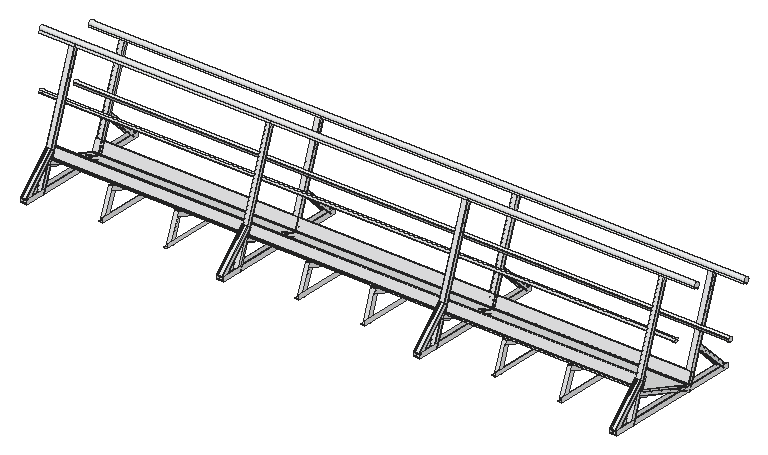
Revit family "Walkway_KattsafeUSA_Guardrail2Sides_Levelled", category Specialty Equipment, Revit 2026
Family settings
  Round Connector Dimension = Use Diameter
  Part Type = Normal
  Classification Number = 23.13.41.19
  Enable Cutting in Views = No
  Cut with Voids When Loaded = No
  Maintain Annotation Orientation = No
  Shared = No
  Room Calculation Point = No
Parameters (values of type "GW7")
  WalkwayWidth = 1' - 11.62205"  # constant formula
  WalkwayMaterial = Aluminum_Kattsafe_Mesh_Walkway
  WalkwayEnd2AngleCalc [instance] = if(1 = 1, 90.00° - WalkwayAngleEnd2, 0.00°)  # 90.00°
  WalkwayAngleEnd2 [instance] = 0.00°
  WalkwayEnd1AngleCalc [instance] = if(1 = 1, 90.00° - WalkwayAngleEnd1, 0.00°)  # 90.00°
  WalkwayAngleEnd1 [instance] = 0.00°
  Uniclass2015Version = "Products v1.35"
  Uniclass2015Title = "Working platforms"
  Uniclass2015Code = "Pr_40_70_75_96"
  URL = "https://kattsafe.com"
  Type IFC Predefined Type = "USERDEFINED"
  Type Comments = "Walkway - 2 Sides - Guardrail - Levelled"
  ToeboardSide2Option [instance] = if(and(HandrailEnd2ReturnOptionCalc, Toeboard1), 1 > 0, 1 < 0)  # no
  ToeboardSide1Option [instance] = if(and(HandrailEnd1ReturnOptionCalc, Toeboard1), 1 > 0, 1 < 0)  # no
  Toeboard2 [instance] = yes
  Toeboard2End2OffsetLengthCalc2 [instance] = if(Toeboard2OffsetLengthEnd2 < 0' 0", abs(Toeboard2OffsetLengthEnd2), 0' 0")  # 0' - 0"
  Toeboard2End2OffsetLengthCalc [instance] = if(Toeboard2OffsetLengthEnd2 > 0' 0", Toeboard2OffsetLengthEnd2, 0' 0")  # 0' - 0"
  Toeboard2OffsetLengthEnd2 [instance] = 0' - 0"
  Toeboard2End1OffsetLengthCalc2 [instance] = if(Toeboard2OffsetLengthEnd1 < 0' 0", abs(Toeboard2OffsetLengthEnd1), 0' 0")  # 0' - 0"
  Toeboard2End1OffsetLengthCalc [instance] = if(Toeboard2OffsetLengthEnd1 > 0' 0", Toeboard2OffsetLengthEnd1, 0' 0")  # 0' - 0"
  Toeboard2OffsetLengthEnd1 [instance] = 0' - 0"
  Toeboard1 [instance] = yes
  Toeboard1End2OffsetLengthCalc2 [instance] = if(Toeboard1OffsetLengthEnd2 < 0' 0", abs(Toeboard1OffsetLengthEnd2), 0' 0")  # 0' - 0"
  Toeboard1End2OffsetLengthCalc [instance] = if(Toeboard1OffsetLengthEnd2 > 0' 0", Toeboard1OffsetLengthEnd2, 0' 0")  # 0' - 0"
  Toeboard1OffsetLengthEnd2 [instance] = 0' - 0"
  Toeboard1End1OffsetLengthCalc2 [instance] = if(Toeboard1OffsetLengthEnd1 < 0' 0", abs(Toeboard1OffsetLengthEnd1), 0' 0")  # 0' - 0"
  Toeboard1End1OffsetLengthCalc [instance] = if(Toeboard1OffsetLengthEnd1 > 0' 0", Toeboard1OffsetLengthEnd1, 0' 0")  # 0' - 0"
  Toeboard1OffsetLengthEnd1 [instance] = 0' - 0"
  SafetyDisclaimer [instance] = "WARNING! The correct placement of access, fall protection and facade maintenance systems is critical to ensure it is fit-for-purpose and safe for the operator to use. Did you know Kattsafe® have a dedicated team of Height Safety System Design Specialists? Kattsafe® provide one-on-one consultation and system design assistance to ensure you are meeting the stringent requirements of height safety and to give you PEACE OF MIND with your project."  # constant formula
  RoofPitchCalc [instance] = if(1 = 1, RoofPitch + 90.00°, 0.00°)  # 110.00°
  RoofPitch [instance] = 20.00°
  Rail2ClosureBendEnd2 [instance] = no
  Rail2ClosureBendEnd1 [instance] = no
  Rail1ClosureBendEnd2 [instance] = no
  Rail1ClosureBendEnd1 [instance] = no
  PostsSingleOption [instance] = if(and(([built-in parameter 1001306] - 0' 2.20472" - PostOffsetLengthEnd1 - PostOffsetLengthEnd2 - (PostsOffsetLength * 2)) < 0' 0.03937", ([built-in parameter 1001306] - 0' 2.20472" - PostOffsetLengthEnd1 - PostOffsetLengthEnd2) > 6' 6.70079"), 1 > 0, 1 < 0)  # no
  PostsActualNumberOf [instance] = PostsOffsetLengthCalc3  # 4
  PostOffsetLengthEnd2 [instance] = 0' - 0"
  PostsOffsetLengthCalc3 [instance] = if(PostsOffsetLengthCalc > PostsOffsetLengthCalc2, rounddown(PostsOffsetLengthCalc2), PostsOffsetLengthCalc)  # 4
  PostsOffsetLengthCalc2 [instance] = (PostsOverallLength / PostsMaxSpacingLength) + 2  # 4.972
  PostsOffsetLengthCalc [instance] = (PostsOverallLength / PostsMaxSpacingLength) + 2  # 5
  PostsNumberOfCalc3 [instance] = if(and(PostsNumberOfCalc > PostsNumberOfCalc2, PostsOverallLength > PostsMaxSpacingLength * 2), rounddown(PostsNumberOfCalc2), if(PostsOverallLength < (PostsMaxSpacingLength * 2) + 0' 0.03937", 2, PostsNumberOfCalc))  # 2
  PostsNumberOfCalc2 [instance] = (PostsOverallLength / PostsMaxSpacingLength)  # 2.972
  PostsNumberOfCalc [instance] = (PostsOverallLength / PostsMaxSpacingLength)  # 3
  PostsMaxSpacingLength = 6' - 6.74016"  # constant formula
  PostsHeight = if(1 = 1, ManufacturerOverallHeightCalc - 0' 1.65354", 0' 0")  # 3' - 3.48819"
  PostOffsetLengthEnd1 [instance] = 0' - 0"
  PostsArrayOption [instance] = if(([built-in parameter 1001306] - 0' 2.20472" - PostOffsetLengthEnd1 - PostOffsetLengthEnd2 - (PostsOffsetLength * 2)) < 0' 0.03937", 1 < 0, 1 > 0)  # yes
  PostsOverallLength [instance] = ([built-in parameter 1001306] - 0' 2.20472" - PostOffsetLengthEnd1 - PostOffsetLengthEnd2)  # 19' - 6.01575"
  Material = Aluminum_Kattsafe_Satin
  ManufacturerOverallHeightCalc = if(ManufacturerOverallHeight < 3' 1.59843", 3' 1.59843", if(ManufacturerOverallHeight > 3' 5.53543", 3' 5.53543", ManufacturerOverallHeight))  # 3' - 5.14173"
  KneerailOffsetHeightCalc2 [instance] = if(KneerailOffsetHeight > 1' 5.71654", 1' 5.71654", KneerailOffsetHeight)  # 1' - 5.12598"
  KneerailOffsetHeightCalc [instance] = if(or(Rail1ClosureBendEnd1, Rail1ClosureBendEnd2), 1' 5.12598", KneerailOffsetHeightCalc2)  # 1' - 5.12598"
  KneerailOffsetHeight [instance] = 1' - 5.12598"
  PostsOffsetLength [instance] = PostsOverallLength / (PostsOffsetLengthCalc3 - 1)  # 6' - 6.00525"
  KneerailEnd2ReturnOffsetLengthCalc [instance] = HandrailReturnOverhangLengthEnd2 + KneerailReturnOffsetLengthEnd2  # 1' - 11.62205"
  KneerailReturnOffsetLengthEnd2 [instance] = 0' - 0"
  KneerailEnd1ReturnOffsetLengthCalc [instance] = HandrailReturnOverhangLengthEnd1 + KneerailReturnOffsetLengthEnd1  # 1' - 11.62205"
  KneerailReturnOffsetLengthEnd1 [instance] = 0' - 0"
  Kneerail2End2OverhangLengthCalc [instance] = if(Rail2ClosureBendEnd2, 0' 7.87402", Handrail2End2OverhangLengthCalc + Kneerail2OffsetLengthEnd2)  # 0' - 11.81102"
  Kneerail2OffsetLengthEnd2 [instance] = 0' - 0"
  Kneerail2End1OverhangLengthCalc [instance] = if(Rail2ClosureBendEnd1, 0' 7.87402", Handrail2End1OverhangLengthCalc + Kneerail2OffsetLengthEnd1)  # 0' - 11.81102"
  Kneerail2OffsetLengthEnd1 [instance] = 0' - 0"
  Kneerail1End2OverhangLengthCalc [instance] = if(Rail1ClosureBendEnd2, 0' 7.87402", Handrail1End2OverhangLengthCalc + Kneerail1OffsetLengthEnd2)  # 0' - 7.87402"
  Kneerail1OffsetLengthEnd2 [instance] = -0' - 3.93701"
  Kneerail1End1OverhangLengthCalc [instance] = if(Rail1ClosureBendEnd1, 0' 7.87402", Handrail1End1OverhangLengthCalc + Kneerail1OffsetLengthEnd1)  # 0' - 7.87402"
  Kneerail1OffsetLengthEnd1 [instance] = -0' - 3.93701"
  KneerailAngledOffsetHeight [instance] = KneerailOffsetHeightCalc + (-HandrailAngledOffsetHeight)  # 1' - 7.37008"
  HandrailReturnOverhangLengthEnd2 [instance] = 1' - 11.62205"
  HandrailEnd2ReturnOptionCalc [instance] = if(and(HandrailReturnEnd2, WalkwayAngleEnd2 = 0.00°), 1 > 0, 1 < 0)  # no
  HandrailReturnEnd2 [instance] = no
  HandrailReturnOverhangLengthEnd1 [instance] = 1' - 11.62205"
  HandrailEnd1ReturnOptionCalc [instance] = if(and(HandrailReturnEnd1, WalkwayAngleEnd1 = 0.00°), 1 > 0, 1 < 0)  # no
  HandrailReturnEnd1 [instance] = no
  Handrail2End2OverhangLengthCalc [instance] = if(Rail2ClosureBendEnd2, 0' 0", Handrail2OverhangLengthEnd2)  # 0' - 11.81102"
  Handrail2OverhangLengthEnd2 [instance] = 0' - 11.81102"
  Handrail2End1OverhangLengthCalc [instance] = if(Rail2ClosureBendEnd1, 0' 0", Handrail2OverhangLengthEnd1)  # 0' - 11.81102"
  Handrail2OverhangLengthEnd1 [instance] = 0' - 11.81102"
  Handrail1End2OverhangLengthCalc [instance] = if(Rail1ClosureBendEnd2, 0' 0", Handrail1OverhangLengthEnd2)  # 0' - 11.81102"
  Handrail1OverhangLengthEnd2 [instance] = 0' - 11.81102"
  Handrail1End1OverhangLengthCalc [instance] = if(Rail1ClosureBendEnd1, 0' 0", Handrail1OverhangLengthEnd1)  # 0' - 11.81102"
  Handrail1OverhangLengthEnd1 [instance] = 0' - 11.81102"
  ModifiedIssue = 20250703
  Model = "GW7"
  ManufacturerURLProductSpecific = "https://kattsafe.com/products/walkways/aluminium-rooftop-walkway?variant=gw7"
  ManufacturerSpecCode = Model  # "GW7"
  ManufacturerOverallWidth = WalkwayWidth + 2' 7.49606"  # 4' - 7.11811"
  ManufacturerOverallLength [instance] = [built-in parameter 1001306]  # 19' - 8.22047"
  ManufacturerOverallHeight = 3' - 5.14173"
  Manufacturer = "Kattsafe®"  # constant formula
  built-in parameter 1001306 [instance] = 19' - 8.22047"
  IfcExportType = "USERDEFINED"
  IfcExportAs = "IfcBuildingElementProxy"
  HandrailClosureAngledOffsetHeight = -1' - 8.94488"  # constant formula
  HandrailAngledOffsetHeight = -0' - 2.24409"  # constant formula
  GuardrailHeight = ManufacturerOverallHeightCalc - 0' 2.16535"  # 3' - 2.97638"
  Export Type to IFC As = "IfcBuildingElementProxy"
  ElementType = "Roof Walkway"
  Description = "Kattsafe guardrail systems are the preferred method of safe access across roofs and areas close to a fall edge. The system requires no specialist PPE, personnel or training to safely prevent a fall with a walkway to designate a safe path of access across the roof surface."  # constant formula
  Default Elevation = 0' - 0"
  CreatedBy = "IGS BIM Solutions"  # constant formula
  CreatedByURL = "https://igsgroup.com.au"
  BattensSingleOption [instance] = if(PostsActualNumberOf < 3, 1 > 0, 1 < 0)  # no
  BattensArrayNumberOf [instance] = if(PostsActualNumberOf < 3, 2, PostsActualNumberOf - 1)  # 3
  BattensArrayOption [instance] = if(PostsActualNumberOf < 3, 1 < 0, 1 > 0)  # yes
  BattensActualNumberOf [instance] = if((PostsOffsetLength) < 2' 2.37795", 0, if((PostsOffsetLength) < 3' 3.37008", (BattensArrayNumberOf), ((BattensArrayNumberOf) * 2)))  # 6
  Assembly Code = "E1090100"
Reference planes (in)
  plane 1 "Walkway_Front": y = -23.12992
  plane 2 "Bottom": z = 0
  plane 3 "Left": x = 0
  plane 4 "Right": x = 236.22047
  plane 5 "Top": z = 41.14173
  plane 6 "Post_Back": y = -23.62205
  plane 7 "Walkway_Bottom": z = 1.65354
  plane 8 "Post_Centre (Front/Back)": y = -24.37008
  plane 9 "Kneerail_Top": z = 21.77165
  plane 10 "Handrail_Bottom": z = 38.89764
  plane 11 "Post_Array_Left": x = 79.10761
  plane 12 "Post_Array_Right": x = 157.11286
  plane 13 "Center (Front/Back)": y = -11.56496
  plane 14 "Center (Left/Right)": x = 118.11024
  plane 15 "Post_Left_Centre (Left/Right)": x = 1.10236
  plane 16 "Kneerail1_Left": x = -7.87402
  plane 17 "Post_Left": x = 0
  plane 18 "Handrail1_Left": x = -11.81102
  plane 19 "Post_Right_Centre (Left/Right)": x = 235.11811
  plane 20 "Kneerail1_Right": x = 244.09449
  plane 21 "Post_Right": x = 236.22047
  plane 22 "Handrail1_Right": x = 248.0315
  plane 23 "Walkway_Top": z = 2.16535
  plane 24 "Post_Front": y = -25.11811
  plane 25 "Left_Calc": x = 0
  plane 26 "Right_Calc": x = 236.22047
  plane 27 "Toeboard_Bottom": z = 2.55906
  plane 28 "Kneerail2_Left": x = -11.81102
  plane 29 "Handrail2_Left": x = -11.81102
  plane 30 "Kneerail2_Right": x = 248.0315
  plane 31 "Handrail2_Right": x = 248.0315
  plane 32 "Walkway_Back": y = 0.49213
  plane 33 "Toeboard1_Left": x = 0
  plane 34 "Toeboard1_Left_Calc": x = 0
  plane 35 "Handrail_2_Right": x = 236.22047
  plane 36 "Toeboard1_Right_Calc": x = 236.22047
Lines and regions (in)
  reference lines
    curve 1: line (0, -20.64816, 0) -> (236.22047, -20.64816, 0)
    curve 2: line (0, -23.12992, 0) -> (0.03783, -23.12992, 0)
    curve 3: line (236.22047, -23.12992, 0) -> (236.17957, -23.12992, 0)
    curve 4: line (0, -25.11811, 0) -> (0, -7.76116, 47.68784)
    curve 5: line (0, 3.26128, 1.65354) -> (0, -21.26691, 10.58108)
    curve 6: line (0, 2.65944, 0) -> (0, 16.76704, 38.7603)
    curve 7: line (0, 3.43633, 2.13449) -> (0, -21.09186, 11.06202)
    curve 8: line (0, 2.97389, 2.30281) -> (0, -19.22358, 10.38202)
    curve 9: line (0, 2.97389, 2.30281) -> (0, -19.22358, 10.38202)
    curve 10: line (-23.62205, 2.97389, 2.30281) -> (259.84252, 2.97389, 2.30281)
    curve 11: line (236.22047, 2.97389, 2.30281) -> (236.22047, -17.1448, 9.62541)
    curve 12: line (236.22047, 16.30459, 38.92862) -> (236.22047, -12.55211, 49.4316)
    curve 13: line (236.22047, 16.30459, 38.92862) -> (236.22047, -12.55211, 49.4316)
    curve 14: line (236.22047, 16.30459, 38.92862) -> (236.22047, -12.55211, 49.4316)
    curve 15: line (0, 2.97389, 2.30281) -> (0, -19.22358, 10.38202)
    curve 16: line (0, 2.97389, 2.30281) -> (0, -19.22358, 10.38202)
Text (in)
  text "Disclaimer:\nDue to ongoing product development and manufacturing \nevolution, product details are subject to change without \nnotice. Please refer to product technical data sheets on \nthe manufacturers website for the most current product \ninformation. Please allow a +/- 5mm manufacturing \ntolerance for dimensions and set-outs shown in product \nliterature." at (407.89634, 92.4875, 0), in view "Ref. Level"
Dimensions and locks (in)
  "built-in parameter 1001306": plane 3 "Left" to plane 4 "Right"
  "ManufacturerOverallHeightCalc": plane 5 "Top" to plane 2 "Bottom"
  "KneerailOffsetHeightCalc": plane 10 "Handrail_Bottom" to plane 9 "Kneerail_Top"
  "PostsOffsetLength": plane 12 "Post_Array_Right" to plane 19 "Post_Right_Centre (Left/Right)"
  locked: plane 5 "Top" to plane 10 "Handrail_Bottom" at 2.24409
  "PostsOffsetLength": plane 15 "Post_Left_Centre (Left/Right)" to plane 11 "Post_Array_Left"
  locked: plane 17 "Post_Left" to plane 15 "Post_Left_Centre (Left/Right)" at 1.10236
  "PostOffsetLengthEnd1": plane 25 "Left_Calc" to plane 17 "Post_Left"
  "Handrail1End1OverhangLengthCalc": plane 18 "Handrail1_Left" to plane 17 "Post_Left"
  "Kneerail1End1OverhangLengthCalc": plane 16 "Kneerail1_Left" to plane 17 "Post_Left"
  locked: plane 21 "Post_Right" to plane 19 "Post_Right_Centre (Left/Right)" at 1.10236
  equal spacing: plane 3 "Left", plane 14 "Center (Left/Right)", plane 4 "Right"
  "PostOffsetLengthEnd2": plane 21 "Post_Right" to plane 26 "Right_Calc"
  "Kneerail1End2OverhangLengthCalc": plane 21 "Post_Right" to plane 20 "Kneerail1_Right"
  "Handrail1End2OverhangLengthCalc": plane 21 "Post_Right" to plane 22 "Handrail1_Right"
  locked: plane 7 "Walkway_Bottom" to plane 2 "Bottom" at 1.65354
  locked: plane 23 "Walkway_Top" to plane 7 "Walkway_Bottom" at 0.51181
  locked: curve 4 to nested 7 at 0.74803
  locked: curve 4 to nested 8 at 1.49606
  locked: curve 4 to nested 9 at 0.74803
  locked: plane 3 "Left" to plane 25 "Left_Calc"
  locked: plane 26 "Right_Calc" to plane 4 "Right"
  curve 4 to nested 11 = 0' - 1.61417"
  locked: plane 27 "Toeboard_Bottom" to plane 23 "Walkway_Top" at 0.3937
  locked: curve 5 to curve 5 at 26.10236
  locked: nested 12 to curve 4 at 1.98819
  locked: curve 5 to nested 11 at 0.90551
  group 1 to group 2 = 6' - 6.00525"
  group 1 to group 2 = 0' - 0"  (x2)
  equal spacing: group 3, group 4, group 5  (x3)
  locked: curve 6 to nested 15 at 0.74803
  locked: nested 17 to curve 6
  locked: curve 6 to nested 16 at 0.74803
  locked: curve 6 to nested 18 at 0.74803
  "Handrail2End1OverhangLengthCalc": plane 29 "Handrail2_Left" to plane 17 "Post_Left"
  "Kneerail2End1OverhangLengthCalc": plane 28 "Kneerail2_Left" to plane 17 "Post_Left"
  "Handrail2End2OverhangLengthCalc": plane 21 "Post_Right" to plane 31 "Handrail2_Right"
  "Kneerail2End2OverhangLengthCalc": plane 21 "Post_Right" to plane 30 "Kneerail2_Right"
  locked: nested 19 to curve 6 at 0.11811
  locked: curve 5 to nested 19 at 0.90551
  plane 1 "Walkway_Front" to plane 6 "Post_Back" = 0' - 0.49213"
  equal spacing: plane 32 "Walkway_Back", plane 13 "Center (Front/Back)", plane 6 "Post_Back"
  "WalkwayWidth": plane 32 "Walkway_Back" to plane 1 "Walkway_Front"
  equal spacing: plane 24 "Post_Front", plane 8 "Post_Centre (Front/Back)", plane 6 "Post_Back"
  locked: plane 24 "Post_Front" to plane 6 "Post_Back" at 1.49606
  locked: curve 7 to curve 7 at 26.10236
  locked: curve 5 to curve 7 at 0.51181
  "GuardrailHeight": curve 7 to curve 4
  "GuardrailHeight": curve 7 to curve 6
  locked: curve 5 to nested 20 at 0.90551
  locked: curve 4 to nested 20 at 0.62992
  locked: curve 4 to nested 21 at 0.62992
  locked: nested 21 to curve 5 at 0.90551
  locked: nested 20 to plane 25 "Left_Calc" at 0.49213
  locked: plane 26 "Right_Calc" to nested 21 at 0.49213
  locked: curve 4 to nested 22 at 0.74803
  locked: curve 4 to nested 23 at 0.74803
  locked: curve 4 to nested 24 at 2.11467
  locked: curve 4 to nested 25 at 2.11467
  locked: curve 8 to curve 7
  locked: curve 4 to curve 8 at 1.98819
  "WalkwayWidth": curve 1 to curve 10
  locked: curve 9 to curve 10
  locked: curve 11 to curve 10
  locked: curve 11 to curve 1
  "Toeboard2End2OffsetLengthCalc": curve 12 to curve 14
  "Toeboard2End2OffsetLengthCalc2": curve 13 to curve 14
  "Toeboard2End1OffsetLengthCalc": curve 16 to curve 9
  "Toeboard2End1OffsetLengthCalc2": curve 16 to curve 15
  "Toeboard1End1OffsetLengthCalc": plane 34 "Toeboard1_Left_Calc" to plane 25 "Left_Calc"
  "Toeboard1End1OffsetLengthCalc2": plane 34 "Toeboard1_Left_Calc" to plane 33 "Toeboard1_Left"
  "Toeboard1End2OffsetLengthCalc": plane 26 "Right_Calc" to plane 36 "Toeboard1_Right_Calc"
  "Toeboard1End2OffsetLengthCalc2": plane 35 "Handrail_2_Right" to plane 36 "Toeboard1_Right_Calc"
  "RoofPitchCalc": angle plane 2 "Bottom" to curve 4
  "RoofPitch": angle plane 2 "Bottom" to curve 5
  "RoofPitchCalc": angle plane 2 "Bottom" to curve 6
  "RoofPitch": angle plane 2 "Bottom" to curve 7
  "WalkwayEnd1AngleCalc": angle curve 1 to curve 8
  "WalkwayEnd2AngleCalc": angle curve 11 to curve 1
  aligned and locked: plane 4 "Right" to curve 1
  aligned and locked: plane 3 "Left" to curve 1
  aligned and locked: level to plane 2 "Bottom"
  aligned and locked: plane 4 "Right" to curve 3
  aligned and locked: plane 2 "Bottom" to nested 1
  aligned and locked: plane 2 "Bottom" to nested 2
  aligned and locked: plane 11 "Post_Array_Left" to nested 3
  aligned and locked: plane 2 "Bottom" to nested 3
  aligned and locked: plane 11 "Post_Array_Left" to nested 4
  aligned and locked: plane 17 "Post_Left" to nested 1
  aligned and locked: plane 21 "Post_Right" to nested 2
  aligned and locked: plane 15 "Post_Left_Centre (Left/Right)" to nested 5
  aligned and locked: plane 2 "Bottom" to nested 5
  aligned and locked: plane 15 "Post_Left_Centre (Left/Right)" to nested 6
  aligned and locked: plane 2 "Bottom" to nested 6
  aligned and locked: plane 2 "Bottom" to curve 4
  aligned and locked: plane 24 "Post_Front" to curve 4
  aligned and locked: nested 9 to plane 18 "Handrail1_Left"
  aligned and locked: plane 18 "Handrail1_Left" to nested 7
  aligned and locked: plane 16 "Kneerail1_Left" to nested 8
  aligned and locked: plane 20 "Kneerail1_Right" to nested 8
  aligned and locked: plane 22 "Handrail1_Right" to nested 7
  aligned and locked: plane 22 "Handrail1_Right" to nested 10
  aligned and locked: nested 12 to curve 5
  aligned and locked: plane 25 "Left_Calc" to nested 12
  aligned and locked: plane 26 "Right_Calc" to nested 12
  aligned and locked: nested 1 to plane 6 "Post_Back"
  aligned and locked: nested 3 to plane 6 "Post_Back"
  aligned and locked: nested 2 to plane 6 "Post_Back"
  aligned and locked: plane 12 "Post_Array_Right" to nested 13
  aligned and locked: nested 13 to plane 6 "Post_Back"
  aligned and locked: plane 2 "Bottom" to nested 13
  aligned and locked: plane 6 "Post_Back" to nested 5
  aligned and locked: plane 11 "Post_Array_Left" to nested 14
  aligned and locked: plane 6 "Post_Back" to nested 14
  aligned and locked: plane 2 "Bottom" to nested 14
  aligned and locked: plane 6 "Post_Back" to nested 6
  aligned and locked: plane 29 "Handrail2_Left" to nested 18
  aligned and locked: plane 29 "Handrail2_Left" to nested 15
  aligned and locked: nested 17 to plane 28 "Kneerail2_Left"
  aligned and locked: nested 17 to plane 30 "Kneerail2_Right"
  aligned and locked: nested 16 to plane 31 "Handrail2_Right"
  aligned and locked: plane 31 "Handrail2_Right" to nested 15
  aligned and locked: plane 7 "Walkway_Bottom" to curve 5
  aligned and locked: plane 2 "Bottom" to curve 6
  aligned and locked: curve 7 to nested 20
  aligned and locked: curve 7 to nested 21
  aligned and locked: plane 18 "Handrail1_Left" to nested 22
  aligned and locked: plane 22 "Handrail1_Right" to nested 23
  aligned and locked: plane 20 "Kneerail1_Right" to nested 25
  aligned and locked: plane 16 "Kneerail1_Left" to nested 24
  aligned and locked: curve 12 to curve 11
  aligned and locked: curve 13 to nested 19
  aligned and locked: curve 15 to nested 19
  aligned and locked: plane 35 "Handrail_2_Right" to nested 11
  aligned and locked: plane 33 "Toeboard1_Left" to nested 11
Automatic sketch dimensions
  plane 3 "Left" to curve 2 = 0' - 0.03783"
  curve 3 to plane 4 "Right" = 0' - 0.0409"
  curve 2 to plane 3 "Left" = 0' - 0"
  plane 1 "Walkway_Front" to curve 3 = 0' - 0"
  plane 1 "Walkway_Front" to curve 2 = 0' - 0"
  curve 7 to curve 10 = 0' - 0.49213"
  curve 10 to curve 7 = 1' - 11.62205"
  curve 7 to curve 10 = 21' - 7.84252"
  curve 13 to curve 12 = 0' - 0"
  curve 14 to curve 12 = 0' - 0"
  curve 12 to curve 14 = 2' - 6.70866"
  curve 13 to curve 14 = 0' - 0"
  curve 12 to curve 13 = 0' - 0"
  curve 16 to curve 8 = 0' - 0"
  curve 15 to curve 8 = 0' - 0"  (x2)
  curve 16 to curve 15 = 0' - 0"
  curve 9 to curve 15 = 0' - 0"
Nested families (in)
  nested 1: "z_Walkway_RoofMount_KattsafeUSA_2Guardrail_Levelled" at (2.29467, -23.62205, 0), ManufacturerOverallHeight <- "PostsHeight", RoofPitch <- "RoofPitch", type "GW357"
    with RoofPitch_Calc 110.00°, RoofPitch 20.00°, ManufacturerOverallHeight 3' - 3.48819"
  nested 2: "z_Walkway_RoofMount_KattsafeUSA_2Guardrail_Levelled" at (235.95608, -23.62205, 0), ManufacturerOverallHeight <- "PostsHeight", RoofPitch <- "RoofPitch", type "GW357"
    with RoofPitch_Calc 110.00°, RoofPitch 20.00°, ManufacturerOverallHeight 3' - 3.48819"
  nested 3: "z_Walkway_RoofMount_KattsafeUSA_2Guardrail_Levelled" at (80.12275, -23.62205, 0), ManufacturerOverallHeight <- "PostsHeight", visible <- "PostsArrayOption", RoofPitch <- "RoofPitch", type "GW357"
    with RoofPitch_Calc 110.00°, RoofPitch 20.00°, ManufacturerOverallHeight 3' - 3.48819"
  nested 4: "z_Walkway_RoofMount_KattsafeUSA_2Guardrail_Levelled" at (80.12275, -23.62205, 0), ManufacturerOverallHeight <- "PostsHeight", visible <- "PostsSingleOption", RoofPitch <- "RoofPitch", type "GW357"
    with RoofPitch_Calc 110.00°, RoofPitch 20.00°, ManufacturerOverallHeight 3' - 3.48819"
  nested 5: "z_Walkway_LevelledBatten_KattsafeUSA_Array_2Guardrail" at (2.1175, 3.85827, 0), ManufacturerOverallLength <- "PostsOffsetLength", visible <- "BattensArrayOption", RoofPitch <- "RoofPitch", type "GW324"
    with RoofPitch 20.00°, ManufacturerOverallLength 6' - 6.00525", Batten_Offset_Length_Calc3 3, Batten_Offset_Length_Calc2 3.9572, Batten_Offset_Length_Calc 4, Batten_Offset_Length 2' - 2.00175", Batten_Max_Spacing_Length 2' - 2.37795", Batten_2_Option yes, Batten_1_Option yes
  nested 6: "z_Walkway_LevelledBatten_KattsafeUSA_Array_2Guardrail" at (2.1175, 3.85827, 0), ManufacturerOverallLength <- "PostsOffsetLength", visible <- "BattensSingleOption", RoofPitch <- "RoofPitch", type "GW324"
    with RoofPitch 20.00°, ManufacturerOverallLength 6' - 6.00525", Batten_Offset_Length_Calc3 3, Batten_Offset_Length_Calc2 3.9572, Batten_Offset_Length_Calc 4, Batten_Offset_Length 2' - 2.00175", Batten_Max_Spacing_Length 2' - 2.37795", Batten_2_Option yes, Batten_1_Option yes
  nested 7: "z_Guardrail_KattsafeUSA_HandrailTube" at (-10.79589, -7.82576, 45.32324) x (1, 0, 0) z (0, 0.342, 0.9397), built-in parameter 1001364 <- "HandrailAngledOffsetHeight", Material <- "Material", type "GW374"
    with Material Aluminum_Kattsafe_Satin, ManufacturerOverallLength 21' - 7.84252"
  nested 8: "z_Guardrail_KattsafeUSA_KneerailTube" at (-6.85888, -12.3458, 28.7433) x (1, 0, 0) z (0, -0.342, -0.9397), built-in parameter 1001364 <- "KneerailAngledOffsetHeight", Material <- "Material", type "GW375"
    with Material Aluminum_Kattsafe_Satin, ManufacturerOverallLength 20' - 11.9685"
  nested 9: "z_Guardrail_KattsafeUSA_HandrailClosureBend" at (-26.54392, -14.22181, 27.75024) x (1, 0, 0) z (0, 0.342, 0.9397), built-in parameter 1001364 <- "HandrailClosureAngledOffsetHeight", visible <- "Rail1ClosureBendEnd1", Material <- "Material", type "GW387"
    with Material Aluminum_Kattsafe_Satin, ManufacturerOverallLength 1' - 3.74803"
  nested 10: "z_Guardrail_KattsafeUSA_HandrailClosureBend" at (262.76439, -14.22181, 27.75024) x (-1, 0, 0) z (0, 0.342, 0.9397), built-in parameter 1001364 <- "HandrailClosureAngledOffsetHeight", visible <- "Rail1ClosureBendEnd2", Material <- "Material", type "GW387"
    with Material Aluminum_Kattsafe_Satin, ManufacturerOverallLength 1' - 3.74803"
  nested 11: "z_Guardrail_KattsafeUSA_ToeBoard" at (1.01514, -19.90283, 11.04822) x (1, 0, 0) z (0, 0.342, 0.9397), visible <- "Toeboard1", Material <- "Material", type "GW320"
    with Material Aluminum_Kattsafe_Satin, ManufacturerOverallLength 19' - 8.22047"
  nested 12: "z_Walkway_KattsafeUSA_Aluminium" at (1.01514, -8.29989, 5.86147) x (1, 0, 0) z (0, 0.342, 0.9397), End1_Angle <- "WalkwayAngleEnd1", End2_Angle <- "WalkwayAngleEnd2", Material <- "Material", ManufacturerOverallWidth <- "WalkwayWidth", WalkwayMaterial <- "WalkwayMaterial", type "GW335.6000"
    with WalkwayMaterial Aluminum_Kattsafe_Mesh_Walkway, Material Aluminum_Kattsafe_Satin, ManufacturerOverallWidth 1' - 11.62205", ManufacturerOverallLength 19' - 8.22047", End2_Angle_Calc 90.00°, End2_Angle 0.00°, End1_Angle_Calc 90.00°, End1_Angle 0.00°
  nested 13: "z_Walkway_RoofMount_KattsafeUSA_2Guardrail_Levelled" at (158.128, -23.62205, 0), ManufacturerOverallHeight <- "PostsHeight", visible <- "PostsArrayOption", RoofPitch <- "RoofPitch", type "GW357"
    with RoofPitch_Calc 110.00°, RoofPitch 20.00°, ManufacturerOverallHeight 3' - 3.48819"
  nested 14: "z_Walkway_LevelledBatten_KattsafeUSA_Array_2Guardrail" at (80.12275, 3.85827, 0), ManufacturerOverallLength <- "PostsOffsetLength", visible <- "BattensArrayOption", RoofPitch <- "RoofPitch", type "GW324"
    with RoofPitch 20.00°, ManufacturerOverallLength 6' - 6.00525", Batten_Offset_Length_Calc3 3, Batten_Offset_Length_Calc2 3.9572, Batten_Offset_Length_Calc 4, Batten_Offset_Length 2' - 2.00175", Batten_Max_Spacing_Length 2' - 2.37795", Batten_2_Option yes, Batten_1_Option yes
  nested 15: "z_Guardrail_KattsafeUSA_HandrailTube" at (-10.79589, 16.70243, 36.3957) x (1, 0, 0) z (0, 0.342, 0.9397), built-in parameter 1001364 <- "HandrailAngledOffsetHeight", Material <- "Material", type "GW374"
    with Material Aluminum_Kattsafe_Satin, ManufacturerOverallLength 21' - 7.84252"
  nested 16: "z_Guardrail_KattsafeUSA_HandrailClosureBend" at (262.76439, 10.30639, 18.82271) x (-1, 0, 0) z (0, 0.342, 0.9397), built-in parameter 1001364 <- "HandrailClosureAngledOffsetHeight", visible <- "Rail2ClosureBendEnd2", Material <- "Material", type "GW387"
    with Material Aluminum_Kattsafe_Satin, ManufacturerOverallLength 1' - 3.74803"
  nested 17: "z_Guardrail_KattsafeUSA_KneerailTube" at (-10.79589, 9.50761, 20.78931) x (1, 0, 0) z (0, -0.342, -0.9397), built-in parameter 1001364 <- "KneerailAngledOffsetHeight", Material <- "Material", type "GW375"
    with Material Aluminum_Kattsafe_Satin, ManufacturerOverallLength 21' - 7.84252"
  nested 18: "z_Guardrail_KattsafeUSA_HandrailClosureBend" at (-26.54392, 10.30639, 18.82271) x (1, 0, 0) z (0, 0.342, 0.9397), built-in parameter 1001364 <- "HandrailClosureAngledOffsetHeight", visible <- "Rail2ClosureBendEnd1", Material <- "Material", type "GW387"
    with Material Aluminum_Kattsafe_Satin, ManufacturerOverallLength 1' - 3.74803"
  nested 19: "z_Guardrail_KattsafeUSA_ToeBoard" at (1.01514, 5.26898, 6.0761) x (1, 0, 0) z (0, -0.342, -0.9397), visible <- "Toeboard2", Material <- "Material", type "GW320"
    with Material Aluminum_Kattsafe_Satin, ManufacturerOverallLength 19' - 8.22047"
  nested 20: "z_Guardrail_KattsafeUSA_ToeBoard" at (-0.86614, 2.61707, 2.85164) x (0, -0.9397, 0.342) z (0, 0.342, 0.9397), visible <- "ToeboardSide1Option", Material <- "Material", type "GW320"
    with Material Aluminum_Kattsafe_Satin, ManufacturerOverallLength 2' - 1.47244"
  nested 21: "z_Guardrail_KattsafeUSA_ToeBoard" at (237.08661, -19.41136, 10.86934) x (0, 0.9397, -0.342) z (0, 0.342, 0.9397), visible <- "ToeboardSide2Option", Material <- "Material", type "GW320"
    with Material Aluminum_Kattsafe_Satin, ManufacturerOverallLength 2' - 1.47244"
  nested 22: "z_Guardrail_KattsafeUSA_HandrailTube" at (-10.82677, -6.87185, 44.97604) x (0, 0.9397, -0.342) z (0, 0.342, 0.9397), built-in parameter 1001364 <- "HandrailAngledOffsetHeight", ManufacturerOverallLength <- "HandrailReturnOverhangLengthEnd1", visible <- "HandrailEnd1ReturnOptionCalc", Material <- "Material", type "GW374"
    with Material Aluminum_Kattsafe_Satin, ManufacturerOverallLength 1' - 11.62205"
  nested 23: "z_Guardrail_KattsafeUSA_HandrailTube" at (247.04724, -6.87185, 44.97604) x (0, 0.9397, -0.342) z (0, 0.342, 0.9397), built-in parameter 1001364 <- "HandrailAngledOffsetHeight", ManufacturerOverallLength <- "HandrailReturnOverhangLengthEnd2", visible <- "HandrailEnd2ReturnOptionCalc", Material <- "Material", type "GW374"
    with Material Aluminum_Kattsafe_Satin, ManufacturerOverallLength 1' - 11.62205"
  nested 24: "z_Guardrail_KattsafeUSA_KneerailTube" at (-7.19882, 8.84457, 21.03064) x (0, -0.9397, 0.342) z (0, -0.342, -0.9397), built-in parameter 1001364 <- "KneerailAngledOffsetHeight", ManufacturerOverallLength <- "KneerailEnd1ReturnOffsetLengthCalc", visible <- "HandrailEnd1ReturnOptionCalc", Material <- "Material", type "GW375"
    with Material Aluminum_Kattsafe_Satin, ManufacturerOverallLength 1' - 11.62205"
  nested 25: "z_Guardrail_KattsafeUSA_KneerailTube" at (243.41929, -11.44506, 28.41546) x (0, 0.9397, -0.342) z (0, -0.342, -0.9397), built-in parameter 1001364 <- "KneerailAngledOffsetHeight", ManufacturerOverallLength <- "KneerailEnd2ReturnOffsetLengthCalc", visible <- "HandrailEnd2ReturnOptionCalc", Material <- "Material", type "GW375"
    with Material Aluminum_Kattsafe_Satin, ManufacturerOverallLength 1' - 11.62205"
  nested 26: "z_Walkway_LevelledBatten_KattsafeUSA_Array_2Guardrail" at (158.128, 3.85827, 0), ManufacturerOverallLength <- "PostsOffsetLength", visible <- "BattensArrayOption", RoofPitch <- "RoofPitch", type "GW324"
    with RoofPitch 20.00°, ManufacturerOverallLength 6' - 6.00525", Batten_Offset_Length_Calc3 3, Batten_Offset_Length_Calc2 3.9572, Batten_Offset_Length_Calc 4, Batten_Offset_Length 2' - 2.00175", Batten_Max_Spacing_Length 2' - 2.37795", Batten_2_Option yes, Batten_1_Option yes
Definition of nested family "z_Walkway_RoofMount_KattsafeUSA_2Guardrail_Levelled"
  Parameters (values of type "GW357")
    URL = "https://kattsafe.com.au/"
    Type Comments = ""
    RoofPitch_Calc [instance] = if(1 = 1, RoofPitch + 90.00°, 0.00°)  # 110.00°
    RoofPitch [instance] = 20.00°
    Model = "GW357"
    Material = none
    ManufacturerURLProductSpecific = ""
    ManufacturerSpecCode = Model  # "GW357"
    ManufacturerOverallWidth = 0' - 2.55906"  # constant formula
    ManufacturerOverallHeight [instance] = 3' - 5.65354"
    ManufacturerOverallDepth = 4' - 7.11811"  # constant formula
    Manufacturer = "Kattsafe®"  # constant formula
    Keynote = ""
    Description = "Sentry Roof Mount Double Guardrail Post with Walkway Support (Levelled)"
    Default Elevation = 0' - 0"  # constant formula
    CreatedBy = "IGS BIM Solutions"  # constant formula
    CreatedByURL = "https://igsgroup.com.au"
  Reference planes (in)
    plane 1 "Bottom": z = 0
    plane 2 "Post_Back": y = 0
    plane 3 "Post_Front": y = -1.49606
    plane 4 "Center (Left/Right)": x = -1.01514
    plane 5 "Top": z = 41.65354
    plane 6 "Post_Right": x = 0.08722
    plane 7 "Post_Left": x = -2.1175
    plane 8 "Front": y = -8.891
    plane 9 "Base Channel_Top": z = 1.5748
    plane 10 "Post_Centre (Front/Back)": y = -0.74803
    plane 11 "Brace_Top": z = 14.02355
    plane 12 "Left": x = -2.29467
    plane 13 "Right": x = 0.26439
    plane 14 "Back": y = 46.22711
  Forms (in)
    Sweep 1, solid, material <- "Material"
      path origin (-1.01514, 0, 0) x (0, 1, 0) y (0, 0, 1)
        loop
          line (46.22711, 1.5748) -> (-8.891, 1.5748)
      profile origin (-1.01514, 18.66805, 1.5748) x (0, 0, -1) y (1, 0, 0)
        loop
          line (1.5748, 1.27953) -> (0.05906, 1.27953)
          arc (0.05906, 1.27953) -> (0, 1.22047) -> (0.05906, 1.16142) r 0.05906
          line (0.05906, 1.16142) -> (1.45669, 1.16142) -> (1.45669, 0.76772) -> (1.35827, 0.76772)
          arc (1.35827, 0.76772) -> (1.33858, 0.74803) -> (1.35827, 0.72835) r 0.01969
          line (1.35827, 0.72835) -> (1.45669, 0.72835) -> (1.45669, -0.72835) -> (1.35827, -0.72835)
          arc (1.35827, -0.72835) -> (1.33858, -0.74803) -> (1.35827, -0.76772) r 0.01969
          line (1.35827, -0.76772) -> (1.45669, -0.76772) -> (1.45669, -1.16142) -> (0.05906, -1.16142)
          arc (0.05906, -1.16142) -> (0, -1.22047) -> (0.05906, -1.27953) r 0.05906
          line (0.05906, -1.27953) -> (1.5748, -1.27953) -> (1.5748, 1.27953)
    SweptBlend 2, solid, material <- "Material"
      path origin (-1.01514, 0, 0) x (0, 1, 0) y (0, 0, 1)
        loop
          line (3.55774, 14.02355) -> (-8.891, 1.5748)
      profile origin (-1.01514, 3.55774, 14.02355) x (0, 0.707107, -0.707107) y (1, 0, 0)
        loop
          line (0, 1.27953) -> (0, -1.27953) -> (1.43701, -1.27953)
          arc (1.43701, -1.27953) -> (1.49606, -1.22047) -> (1.43701, -1.16142) r 0.05906
          line (1.43701, -1.16142) -> (0.11811, -1.16142) -> (0.11811, -0.76772) -> (0.21654, -0.76772)
          arc (0.21654, -0.76772) -> (0.23622, -0.74803) -> (0.21654, -0.72835) r 0.01969
          line (0.21654, -0.72835) -> (0.11811, -0.72835) -> (0.11811, 0.72835) -> (0.21654, 0.72835)
          arc (0.21654, 0.72835) -> (0.23622, 0.74803) -> (0.21654, 0.76772) r 0.01969
          line (0.21654, 0.76772) -> (0.11811, 0.76772) -> (0.11811, 1.16142) -> (1.43701, 1.16142)
          arc (1.43701, 1.16142) -> (1.49606, 1.22047) -> (1.43701, 1.27953) r 0.05906
          line (1.43701, 1.27953) -> (0, 1.27953)
      end profile origin (-1.01514, -8.891, 1.5748) x (0, 0.707107, -0.707107) y (1, 0, 0)
        loop
          line (0, 1.16142) -> (0, -1.39764) -> (1.43701, -1.39764)
          arc (1.43701, -1.39764) -> (1.49606, -1.33858) -> (1.43701, -1.27953) r 0.05906
          line (1.43701, -1.27953) -> (0.11811, -1.27953) -> (0.11811, -0.88583) -> (0.21654, -0.88583)
          arc (0.21654, -0.88583) -> (0.23622, -0.86614) -> (0.21654, -0.84646) r 0.01969
          line (0.21654, -0.84646) -> (0.11811, -0.84646) -> (0.11811, 0.61024) -> (0.21654, 0.61024)
          arc (0.21654, 0.61024) -> (0.23622, 0.62992) -> (0.21654, 0.64961) r 0.01969
          line (0.21654, 0.64961) -> (0.11811, 0.64961) -> (0.11811, 1.04331) -> (1.43701, 1.04331)
          arc (1.43701, 1.04331) -> (1.49606, 1.10236) -> (1.43701, 1.16142) r 0.05906
          line (1.43701, 1.16142) -> (0, 1.16142)
    Sweep 3, solid, material <- "Material"
      path origin (-1.01514, 0, 0) x (0, 1, 0) y (0, 0, 1)
        loop
          line (-1.49606, 0) -> (15.99964, 48.06906)
      profile origin (-1.01514, 7.25179, 24.03453) x (0, -0.939693, 0.34202) y (1, 0, 0)
        loop
          arc (-1.49606, -0.90551) -> (-1.43841, -1.04471) -> (-1.29921, -1.10236) r 0.19685
          line (-1.29921, -1.10236) -> (-0.19685, -1.10236)
          arc (-0.19685, -1.10236) -> (-0.05766, -1.04471) -> (0, -0.90551) r 0.19685
          line (0, -0.90551) -> (0, 0.90551)
          arc (0, 0.90551) -> (-0.05766, 1.04471) -> (-0.19685, 1.10236) r 0.19685
          line (-0.19685, 1.10236) -> (-1.29921, 1.10236)
          arc (-1.29921, 1.10236) -> (-1.43841, 1.04471) -> (-1.49606, 0.90551) r 0.19685
          line (-1.49606, 0.90551) -> (-1.49606, -0.90551)
    SweptBlend 4, solid, material <- "Material"
      path origin (-1.01514, 0, 0) x (0, 1, 0) y (0, 0, 1)
        loop
          line (26.85467, 1.5748) -> (3.02939, 10.24649)
      profile origin (-1.01514, 26.85467, 1.5748) x (0, -0.34202, -0.939693) y (1, 0, 0)
        loop
          line (0, 1.16142) -> (0, -1.39764) -> (1.40561, -1.39764)
          spline (1.40561, -1.39764) -> (1.42056, -1.39563) -> (1.43449, -1.38973) -> (1.44645, -1.38034) -> (1.45563, -1.36811) -> (1.4614, -1.35387) -> (1.46337, -1.33858) -> (1.4614, -1.3233) -> (1.45563, -1.30906) -> (1.44645, -1.29682) -> (1.43449, -1.28744) -> (1.42056, -1.28154) -> (1.40561, -1.27953)
          line (1.40561, -1.27953) -> (0.11553, -1.27953) -> (0.11553, -0.88583) -> (0.2118, -0.88583)
          spline (0.2118, -0.88583) -> (0.21679, -0.88516) -> (0.22143, -0.88319) -> (0.22542, -0.88006) -> (0.22848, -0.87598) -> (0.2304, -0.87124) -> (0.23106, -0.86614) -> (0.2304, -0.86105) -> (0.22848, -0.8563) -> (0.22542, -0.85222) -> (0.22143, -0.84909) -> (0.21679, -0.84713) -> (0.2118, -0.84646)
          line (0.2118, -0.84646) -> (0.11553, -0.84646) -> (0.11553, 0.61024) -> (0.2118, 0.61024)
          spline (0.2118, 0.61024) -> (0.21679, 0.61091) -> (0.22143, 0.61287) -> (0.22542, 0.616) -> (0.22848, 0.62008) -> (0.2304, 0.62483) -> (0.23106, 0.62992) -> (0.2304, 0.63502) -> (0.22848, 0.63976) -> (0.22542, 0.64384) -> (0.22143, 0.64697) -> (0.21679, 0.64894) -> (0.2118, 0.64961)
          line (0.2118, 0.64961) -> (0.11553, 0.64961) -> (0.11553, 1.04331) -> (1.40561, 1.04331)
          spline (1.40561, 1.04331) -> (1.42056, 1.04532) -> (1.43449, 1.05122) -> (1.44645, 1.0606) -> (1.45563, 1.07283) -> (1.4614, 1.08708) -> (1.46337, 1.10236) -> (1.4614, 1.11765) -> (1.45563, 1.13189) -> (1.44645, 1.14412) -> (1.43449, 1.15351) -> (1.42056, 1.15941) -> (1.40561, 1.16142)
          line (1.40561, 1.16142) -> (0, 1.16142)
      end profile origin (-1.01514, 3.02939, 10.24649) x (0, -0.34202, -0.939693) y (1, 0, 0)
        loop
          line (0, 1.27953) -> (0, -1.27953) -> (1.40561, -1.27953)
          spline (1.40561, -1.27953) -> (1.42056, -1.27752) -> (1.43449, -1.27162) -> (1.44645, -1.26223) -> (1.45563, -1.25) -> (1.4614, -1.23576) -> (1.46337, -1.22047) -> (1.4614, -1.20519) -> (1.45563, -1.19094) -> (1.44645, -1.17871) -> (1.43449, -1.16933) -> (1.42056, -1.16343) -> (1.40561, -1.16142)
          line (1.40561, -1.16142) -> (0.11553, -1.16142) -> (0.11553, -0.76772) -> (0.2118, -0.76772)
          spline (0.2118, -0.76772) -> (0.21679, -0.76705) -> (0.22143, -0.76508) -> (0.22542, -0.76195) -> (0.22848, -0.75787) -> (0.2304, -0.75313) -> (0.23106, -0.74803) -> (0.2304, -0.74294) -> (0.22848, -0.73819) -> (0.22542, -0.73411) -> (0.22143, -0.73098) -> (0.21679, -0.72902) -> (0.2118, -0.72835)
          line (0.2118, -0.72835) -> (0.11553, -0.72835) -> (0.11553, 0.72835) -> (0.2118, 0.72835)
          spline (0.2118, 0.72835) -> (0.21679, 0.72902) -> (0.22143, 0.73098) -> (0.22542, 0.73411) -> (0.22848, 0.73819) -> (0.2304, 0.74294) -> (0.23106, 0.74803) -> (0.2304, 0.75313) -> (0.22848, 0.75787) -> (0.22542, 0.76195) -> (0.22143, 0.76508) -> (0.21679, 0.76705) -> (0.2118, 0.76772)
          line (0.2118, 0.76772) -> (0.11553, 0.76772) -> (0.11553, 1.16142) -> (1.40561, 1.16142)
          spline (1.40561, 1.16142) -> (1.42056, 1.16343) -> (1.43449, 1.16933) -> (1.44645, 1.17871) -> (1.45563, 1.19094) -> (1.4614, 1.20519) -> (1.46337, 1.22047) -> (1.4614, 1.23576) -> (1.45563, 1.25) -> (1.44645, 1.26223) -> (1.43449, 1.27162) -> (1.42056, 1.27752) -> (1.40561, 1.27953)
          line (1.40561, 1.27953) -> (0, 1.27953)
    Sweep 5, solid, material <- "Material"
      path origin (-1.01514, 0, 0) x (0, 1, 0) y (0, 0, 1)
        loop
          line (26.28149, 0) -> (40.52784, 39.14153)
      profile origin (-1.01514, 33.40467, 19.57076) x (0, -0.939693, 0.34202) y (1, 0, 0)
        loop
          arc (-1.49606, -0.90551) -> (-1.43841, -1.04471) -> (-1.29921, -1.10236) r 0.19685
          line (-1.29921, -1.10236) -> (-0.19685, -1.10236)
          arc (-0.19685, -1.10236) -> (-0.05766, -1.04471) -> (0, -0.90551) r 0.19685
          line (0, -0.90551) -> (0, 0.90551)
          arc (0, 0.90551) -> (-0.05766, 1.04471) -> (-0.19685, 1.10236) r 0.19685
          line (-0.19685, 1.10236) -> (-1.29921, 1.10236)
          arc (-1.29921, 1.10236) -> (-1.43841, 1.04471) -> (-1.49606, 0.90551) r 0.19685
          line (-1.49606, 0.90551) -> (-1.49606, -0.90551)
    SweptBlend 6, solid, material <- "Material"
      path origin (-1.01514, 0, 0) x (0, 1, 0) y (0, 0, 1)
        loop
          line (32.97772, 14.02355) -> (45.42646, 1.5748)
      profile origin (-1.01514, 32.97772, 14.02355) x (0, 0.707107, 0.707107) y (1, 0, 0)
        loop
          line (0, 1.27953) -> (-1.43701, 1.27953)
          arc (-1.43701, 1.27953) -> (-1.49606, 1.22047) -> (-1.43701, 1.16142) r 0.05906
          line (-1.43701, 1.16142) -> (-0.11811, 1.16142) -> (-0.11811, 0.76772) -> (-0.21654, 0.76772)
          arc (-0.21654, 0.76772) -> (-0.23622, 0.74803) -> (-0.21654, 0.72835) r 0.01969
          line (-0.21654, 0.72835) -> (-0.11811, 0.72835) -> (-0.11811, -0.72835) -> (-0.21654, -0.72835)
          arc (-0.21654, -0.72835) -> (-0.23622, -0.74803) -> (-0.21654, -0.76772) r 0.01969
          line (-0.21654, -0.76772) -> (-0.11811, -0.76772) -> (-0.11811, -1.16142) -> (-1.43701, -1.16142)
          arc (-1.43701, -1.16142) -> (-1.49606, -1.22047) -> (-1.43701, -1.27953) r 0.05906
          line (-1.43701, -1.27953) -> (0, -1.27953) -> (0, 1.27953)
      end profile origin (-1.01514, 45.42646, 1.5748) x (0, 0.707107, 0.707107) y (1, 0, 0)
        loop
          line (0, 1.16142) -> (-1.43701, 1.16142)
          arc (-1.43701, 1.16142) -> (-1.49606, 1.10236) -> (-1.43701, 1.04331) r 0.05906
          line (-1.43701, 1.04331) -> (-0.11811, 1.04331) -> (-0.11811, 0.64961) -> (-0.21654, 0.64961)
          arc (-0.21654, 0.64961) -> (-0.23622, 0.62992) -> (-0.21654, 0.61024) r 0.01969
          line (-0.21654, 0.61024) -> (-0.11811, 0.61024) -> (-0.11811, -0.84646) -> (-0.21654, -0.84646)
          arc (-0.21654, -0.84646) -> (-0.23622, -0.86614) -> (-0.21654, -0.88583) r 0.01969
          line (-0.21654, -0.88583) -> (-0.11811, -0.88583) -> (-0.11811, -1.27953) -> (-1.43701, -1.27953)
          arc (-1.43701, -1.27953) -> (-1.49606, -1.33858) -> (-1.43701, -1.39764) r 0.05906
          line (-1.43701, -1.39764) -> (0, -1.39764) -> (0, 1.16142)
  Cuts and joins
    joined: Sweep 3, SweptBlend 4
  Lines and regions (in)
    reference lines
      curve 1: line (-1.01514, 3.6369, 14.10271) -> (-1.01514, -8.891, 1.5748)
      curve 2: line (-1.01514, -1.49606, 0) -> (-1.01514, 15.99964, 48.06906)
      curve 3: line (-1.01514, 26.85467, 1.5748) -> (-1.01514, 2.32647, 10.50234)
      curve 4: line (-1.01514, 26.28149, 0) -> (-1.01514, 40.52784, 39.14153)
      curve 5: line (-1.01514, 27.87357, 0) -> (-1.01514, 32.97772, 14.02355)
      curve 6: line (-1.01514, 32.97772, 14.02355) -> (-1.01514, 45.42646, 1.5748)
      curve 7: line (-1.01514, 40.52784, 39.14153) -> (-1.01514, 15.99964, 48.06906)
  Dimensions and locks (in)
    "ManufacturerOverallHeight": plane 5 "Top" to plane 1 "Bottom"
    locked: plane 7 "Post_Left" to plane 6 "Post_Right" at 2.20472
    equal spacing: plane 7 "Post_Left", plane 4 "Center (Left/Right)", plane 6 "Post_Right"
    plane 9 "Base Channel_Top" to plane 1 "Bottom" = 0' - 1.5748"
    Sweep 1 sketch curve to profile plane to Sweep 1 sketch curve = 0' - 1.27953" locked, 0' - 1.27953" locked
    Sweep 1 sketch curve to profile plane to Sweep 1 sketch curve = 0' - 1.16142" locked, 0' - 1.16142" locked
    locked: profile plane to Sweep 1 sketch curve
    locked: profile plane to Sweep 1 sketch curve at 0
    locked: profile plane to Sweep 1 sketch curve at 1.45669  (x3)
    locked: profile plane to Sweep 1 sketch curve at 1.5748
    equal spacing: plane 3 "Post_Front", plane 10 "Post_Centre (Front/Back)", plane 2 "Post_Back"
    locked: profile plane to Sweep 1 sketch curve at 1.33858  (x2)
    Sweep 1 sketch curve to profile plane to Sweep 1 sketch curve = 0' - 0.72835" locked, 0' - 0.72835" locked
    Sweep 1 sketch curve to profile plane to Sweep 1 sketch curve = 0' - 0.76772" locked, 0' - 0.76772" locked
    equal spacing: plane 12 "Left", plane 4 "Center (Left/Right)", plane 13 "Right"
    "ManufacturerOverallWidth": plane 12 "Left" to plane 13 "Right"
    locked: plane 2 "Post_Back" to plane 3 "Post_Front" at 1.49606
    locked: Sweep 3 sketch curve to profile plane at 1.49606
    equal spacing: Sweep 3 sketch curve, profile plane, Sweep 3 sketch curve, locked at 1.10236 each
    locked: Sweep 3 sketch curve to Sweep 3 sketch curve at 2.20472
    locked: curve 2 to Sweep 3 sketch curve at 0
    locked: curve 2 to curve 3 at 26.10236
    locked: curve 2 to SweptBlend 4 sketch curve at 0.74803
    curve 2 to curve 4 = 2' - 2.10236"
    "ManufacturerOverallHeight": curve 4 to curve 4
    locked: curve 4 to Sweep 5 sketch curve
    Sweep 5 sketch curve to Sweep 5 sketch curve = 0' - 2.20472"
    locked: Sweep 5 sketch curve to Sweep 5 sketch curve at 2.20472
    plane 3 "Post_Front" to plane 8 "Front" = 0' - 7.39494"
    locked: curve 4 to curve 5 at 1.49606
    locked: curve 1 to Sweep 1 sketch curve at 0
    "ManufacturerOverallDepth": plane 14 "Back" to plane 8 "Front"
    "ManufacturerOverallDepth": Sweep 1 sketch curve to Sweep 1 sketch curve
    radius of Sweep 3 sketch curve = 0' - 0.19685"  (x4)
    radius of Sweep 5 sketch curve = 0' - 0.19685"  (x4)
    locked: curve 1 to plane 11 "Brace_Top" (angle 45.00°)
    "RoofPitch_Calc": angle plane 1 "Bottom" to curve 2
    "RoofPitch": angle plane 1 "Bottom" to curve 3
    "RoofPitch_Calc": angle plane 1 "Bottom" to curve 4
    "RoofPitch_Calc": angle plane 1 "Bottom" to curve 5
    locked: plane 11 "Brace_Top" to curve 6 (angle 45.00°)
    angle curve 4 to curve 7 = 90.00°
    aligned and locked: level to plane 1 "Bottom"
    aligned and locked: curve 1 to SweptBlend 2 sketch curve
    aligned and locked: plane 11 "Brace_Top" to SweptBlend 2 sketch curve
    aligned and locked: plane 3 "Post_Front" to curve 2
    aligned and locked: plane 1 "Bottom" to curve 2
    aligned and locked: curve 2 to Sweep 3 sketch curve
    aligned and locked: profile plane to Sweep 3 sketch curve
    aligned and locked: plane 1 "Bottom" to Sweep 3 sketch curve
    aligned and locked: plane 9 "Base Channel_Top" to curve 1
    aligned and locked: curve 3 to SweptBlend 4 sketch curve
    aligned and locked: plane 9 "Base Channel_Top" to curve 3
    aligned and locked: Sweep 5 sketch curve to curve 4
    aligned and locked: plane 1 "Bottom" to Sweep 5 sketch curve
    aligned and locked: plane 1 "Bottom" to curve 4
    aligned and locked: plane 1 "Bottom" to curve 5
    aligned and locked: plane 11 "Brace_Top" to curve 5
    aligned and locked: plane 9 "Base Channel_Top" to curve 6
    aligned and locked: SweptBlend 6 sketch curve to curve 6
    aligned and locked: plane 9 "Base Channel_Top" to SweptBlend 6 sketch curve
  Automatic sketch dimensions
    plane 9 "Base Channel_Top" to SweptBlend 2 sketch curve = 0' - 0"
    SweptBlend 2 sketch curve to profile plane = 0' - 0"  (x2)
    SweptBlend 2 sketch curve to profile plane = 0' - 0.11811"  (x4)
    SweptBlend 2 sketch curve to SweptBlend 2 sketch curve = 0' - 0"  (x2)
    SweptBlend 2 sketch curve to SweptBlend 2 sketch curve = 0' - 0.09843"  (x4)
    SweptBlend 2 sketch curve to SweptBlend 2 sketch curve = 0' - 1.22047"  (x4)
    SweptBlend 2 sketch curve to plane 4 "Center (Left/Right)" = 0' - 1.27953"
    SweptBlend 2 sketch curve to SweptBlend 2 sketch curve = 0' - 0.05906"  (x4)
    SweptBlend 2 sketch curve to SweptBlend 2 sketch curve = 0' - 0.3937"  (x4)
    SweptBlend 2 sketch curve to SweptBlend 2 sketch curve = 0' - 0.01969"  (x4)
    plane 4 "Center (Left/Right)" to SweptBlend 2 sketch curve = 0' - 0.72835"
    SweptBlend 2 sketch curve to plane 4 "Center (Left/Right)" = 0' - 1.39764"
    plane 4 "Center (Left/Right)" to SweptBlend 2 sketch curve = 0' - 0.61024"
    plane 9 "Base Channel_Top" to SweptBlend 4 sketch curve = 0' - 0"
    SweptBlend 4 sketch curve to profile plane = 0' - 0"  (x2)
    SweptBlend 4 sketch curve to profile plane = 0' - 0.11553"  (x6)
    SweptBlend 4 sketch curve to SweptBlend 4 sketch curve = 0' - 0.09627"  (x4)
    SweptBlend 4 sketch curve to SweptBlend 4 sketch curve = 0' - 1.1938"  (x4)
    SweptBlend 4 sketch curve to plane 4 "Center (Left/Right)" = 0' - 1.39764"
    SweptBlend 4 sketch curve to SweptBlend 4 sketch curve = 0' - 0.11811"  (x4)
    SweptBlend 4 sketch curve to SweptBlend 4 sketch curve = 0' - 0.3937"  (x4)
    SweptBlend 4 sketch curve to SweptBlend 4 sketch curve = 0' - 0.03937"  (x4)
    plane 4 "Center (Left/Right)" to SweptBlend 4 sketch curve = 0' - 0.61024"
    SweptBlend 4 sketch curve to plane 4 "Center (Left/Right)" = 0' - 1.27953"
    plane 4 "Center (Left/Right)" to SweptBlend 4 sketch curve = 0' - 0.72835"
    Sweep 5 sketch curve to profile plane = 0' - 0"
    Sweep 5 sketch curve to Sweep 5 sketch curve = 0' - 1.10236"
    Sweep 5 sketch curve to plane 4 "Center (Left/Right)" = 0' - 1.10236"
    plane 11 "Brace_Top" to SweptBlend 6 sketch curve = 0' - 0"
    profile plane to SweptBlend 6 sketch curve = 0' - 1.43701"  (x4)
    profile plane to SweptBlend 6 sketch curve = 0' - 0.21654"  (x4)
    SweptBlend 6 sketch curve to SweptBlend 6 sketch curve = 0' - 0.09843"  (x4)
    SweptBlend 6 sketch curve to SweptBlend 6 sketch curve = 0' - 0.11811"  (x2)
    SweptBlend 6 sketch curve to plane 4 "Center (Left/Right)" = 0' - 1.27953"
    SweptBlend 6 sketch curve to SweptBlend 6 sketch curve = 0' - 0.05906"  (x4)
    SweptBlend 6 sketch curve to SweptBlend 6 sketch curve = 0' - 0.3937"  (x4)
    SweptBlend 6 sketch curve to SweptBlend 6 sketch curve = 0' - 0.01969"  (x4)
    plane 4 "Center (Left/Right)" to SweptBlend 6 sketch curve = 0' - 0.72835"
    profile plane to SweptBlend 6 sketch curve = 0' - 0.11811"  (x2)
    SweptBlend 6 sketch curve to plane 4 "Center (Left/Right)" = 0' - 1.39764"
    plane 4 "Center (Left/Right)" to SweptBlend 6 sketch curve = 0' - 0.61024"
Definition of nested family "z_Walkway_LevelledBatten_KattsafeUSA_Array_2Guardrail"
  Parameters (values of type "GW324")
    URL = "https://kattsafe.com"
    Type Comments = ""
    RoofPitch [instance] = 20.00°
    Model = "GW324S"
    Material = none
    ManufacturerURLProductSpecific = ""
    ManufacturerSpecCode = Model  # "GW324S"
    ManufacturerOverallWidth = 2' - 6.70866"  # constant formula
    ManufacturerOverallLength [instance] = 6' - 6.74016"
    ManufacturerOverallHeight = 0' - 1.5748"  # constant formula
    Manufacturer = "Kattsafe®"  # constant formula
    Keynote = ""
    Description = "600 Walkway Support Batten (Levelled)"
    Default Elevation = 0' - 0"  # constant formula
    CreatedBy = "IGS BIM Solutions"  # constant formula
    CreatedByURL = "https://igsgroup.com.au"
    Batten_Offset_Length_Calc3 [instance] = if(Batten_Offset_Length_Calc > Batten_Offset_Length_Calc2, rounddown(Batten_Offset_Length_Calc2), Batten_Offset_Length_Calc)  # 3
    Batten_Offset_Length_Calc2 [instance] = ManufacturerOverallLength / (Batten_Max_Spacing_Length) + 1  # 3.9851
    Batten_Offset_Length_Calc [instance] = ManufacturerOverallLength / (Batten_Max_Spacing_Length) + 1  # 4
    Batten_Offset_Length [instance] = ManufacturerOverallLength / (Batten_Offset_Length_Calc3)  # 2' - 2.24672"
    Batten_Max_Spacing_Length [instance] = 2' - 2.37795"  # constant formula
    Batten_2_Option [instance] = if(Batten_Offset_Length_Calc3 < 3, 1 < 0, 1 > 0)  # yes
    Batten_1_Option [instance] = if(Batten_Offset_Length_Calc2 < 2, 1 < 0, 1 > 0)  # yes
  Reference planes (in)
    plane 1 "Bottom": z = 0
    plane 2 "Back": y = 0
    plane 3 "Front": y = -30.70866
    plane 4 "Left": x = -1.01514
    plane 5 "Center (Left/Right)": x = 38.35494
    plane 6 "Top": z = 1.5748
    plane 7 "Right": x = 77.72502
    plane 8 "Center (Front/Back)": y = -15.35433
    plane 9 "Batten_1_Centre (Left/Right)": x = 25.23158
    plane 10 "Batten_2_Centre (Left/Right)": x = 51.4783
    plane 11 "Brace_Back": y = -27.48031
    plane 12 "Brace_Front": y = -29.05512
  Dimensions and locks (in)
    "ManufacturerOverallHeight": plane 6 "Top" to plane 1 "Bottom"
    equal spacing: plane 4 "Left", plane 5 "Center (Left/Right)", plane 7 "Right"
    "ManufacturerOverallLength": plane 4 "Left" to plane 7 "Right"
    "ManufacturerOverallWidth": plane 2 "Back" to plane 3 "Front"
    equal spacing: plane 3 "Front", plane 8 "Center (Front/Back)", plane 2 "Back"
    "Batten_Offset_Length": plane 4 "Left" to plane 9 "Batten_1_Centre (Left/Right)"
    "Batten_Offset_Length": plane 10 "Batten_2_Centre (Left/Right)" to plane 7 "Right"
    locked: plane 11 "Brace_Back" to plane 3 "Front" at 3.22835
    locked: plane 11 "Brace_Back" to plane 12 "Brace_Front" at 1.5748
    aligned and locked: plane 1 "Bottom" to level
    aligned and locked: plane 1 "Bottom" to nested 1
    aligned and locked: nested 1 to plane 2 "Back"
    aligned and locked: nested 1 to plane 9 "Batten_1_Centre (Left/Right)"
    aligned and locked: nested 2 to plane 10 "Batten_2_Centre (Left/Right)"
    aligned and locked: nested 2 to plane 2 "Back"
  Nested families (in)
    nested 1: "z_Walkway_LevelledBatten_KattsafeUSA_2Guardrail" at (26.24672, -27.55906, 0), visible <- "Batten_1_Option", RoofPitch <- "RoofPitch", Material <- "Material", type "GW324"
      with RoofPitch_Calc 110.00°, RoofPitch 20.00°, Material none
    nested 2: "z_Walkway_LevelledBatten_KattsafeUSA_2Guardrail" at (52.49344, -27.55906, 0), visible <- "Batten_2_Option", RoofPitch <- "RoofPitch", Material <- "Material", type "GW324"
      with RoofPitch_Calc 110.00°, RoofPitch 20.00°, Material none
  Definition of nested family "z_Walkway_LevelledBatten_KattsafeUSA_2Guardrail"
    Parameters (values of type "GW324")
      URL = "https://kattsafe.com"
      Type Comments = ""
      RoofPitch_Calc [instance] = if(1 = 1, RoofPitch + 90.00°, 0.00°)  # 110.00°
      RoofPitch [instance] = 20.00°
      Model = "GW324S"
      Material [instance] = none
      ManufacturerURLProductSpecific = ""
      ManufacturerSpecCode = Model  # "GW324S"
      ManufacturerOverallWidth = 0' - 1.5748"
      ManufacturerOverallDepth = 2' - 6.70866"  # constant formula
      Manufacturer = "Kattsafe®"  # constant formula
      Keynote = ""
      Description = "600 Walkway Support Batten (Levelled)"
      Default Elevation = 0' - 0"  # constant formula
      CreatedBy = "IGS BIM Solutions"  # constant formula
      CreatedByURL = "https://igsgroup.com.au"
    Reference planes (in)
      plane 1 "Bottom": z = 0
      plane 2 "Post_Back": y = 0.07874
      plane 3 "Post_Front": y = -1.49606
      plane 4 "Center (Left/Right)": x = -1.01514
      plane 5 "Front": y = -3.14961
      plane 6 "Base Channel_Top": z = 1.5748
      plane 7 "Post_Centre (Front/Back)": y = -0.70866
      plane 8 "Left": x = -1.80254
      plane 9 "Right": x = -0.22774
      plane 10 "Back": y = 27.55906
    Forms (in)
      Sweep 1, solid, material <- "Material"
        path origin (-1.01514, 0, 0) x (0, 1, 0) y (0, 0, 1)
          loop
            line (27.55906, 1.5748) -> (-3.14961, 1.5748)
        profile origin (-1.01514, 12.20472, 1.5748) x (0, 0, -1) y (1, 0, 0)
          loop
            line (1.5748, -0.7874) -> (1.5748, 0.7874) -> (0, 0.7874) -> (0, 0.66929) -> (1.45669, 0.66929) -> (1.45669, -0.7874) -> (1.5748, -0.7874)
      Sweep 2, solid, material <- "Material"
        path origin (-1.01514, 0, 0) x (0, 1, 0) y (0, 0, 1)
          loop
            line (-1.45504, 0.1127) -> (2.32647, 10.50234)
        profile origin (-1.01514, 0.43572, 5.30752) x (0, -0.939693, 0.34202) y (1, 0, 0)
          loop
            line (0, 0.55118) -> (-1.5748, 0.55118) -> (-1.5748, 0.43307) -> (-0.11811, 0.43307) -> (-0.11811, -1.02362) -> (0, -1.02362) -> (0, 0.55118)
      SweptBlend 3, solid, material <- "Material"
        path origin (-1.01514, 0, 0) x (0, 1, 0) y (0, 0, 1)
          loop
            line (26.85467, 1.5748) -> (2.32647, 10.50234)
